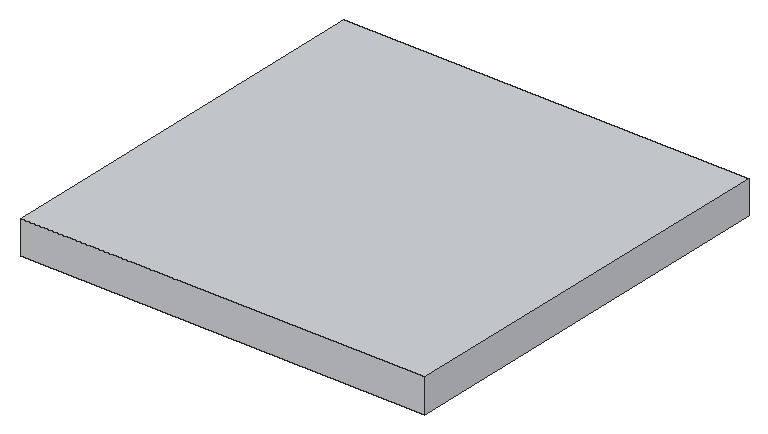
Revit family "DMElétrico_Circuito_Comunicações", category Dispositivos de comunicação, Revit 2025
Family settings
  Cota do conector redondo = Utilizar diâmetro
  Tipo de parte = Normal
  Com base no plano de trabalho = Não
  Sempre na vertical = Sim
  Corte com vazios quando carregada = Não
  Manter orientação da anotação = Não
  Compartilhado = Não
  Ponto de cálculo do ambiente = Não
Parameters
  Elevação padrão = 0 mm
Reference planes
  plane 1 "Center (Front/Back)": y = 0
  plane 2: z = 0
  plane 3 "Center (Left/Right)": x = 0
Forms (mm)
  Extrusion 1, solid
    sketch origin (0, 0, 0) x (1, 0, 0) y (0, 1, 0)
      loop
        line (-15, 15) -> (-15, -15) -> (15, -15) -> (15, 15) -> (-15, 15)
    from 0 to -2.5
Lines and regions (mm)
  model lines
    curve 1: circle (0, 0, 0) r 15 normal (0, 0, 1)
    curve 2: circle (0, 0, 0) r 15 normal (0, -1, 0)
    curve 3: circle (0, 0, 0) r 15 normal (1, 0, 0)
Dimensions and locks
  aligned and locked: level to plane 2
Connectors
  cabletrayconduit at (0, 0, 0), diameter 32
    settings: on Extrusion 1, index 1, connector width 300 mm, connector height 300 mm, connector angle 0.00°, system type 32, placement type 0, profile type 0, connector reference index -1, is primary connector yes, connector utility param no, connector description ""
  cabletrayconduit at (0, 0, -2.5), diameter 32
    settings: on Extrusion 1, index 2, connector width 300 mm, connector height 300 mm, connector angle 0.00°, system type 32, placement type 0, profile type 0, connector reference index -1, is primary connector no, connector utility param no, connector description ""
  electrical at (0, 0, 0)
    settings: on Extrusion 1, index 3, voltage 0 V, apparent load 0 VA, apparent load phase1 0 VA, apparent load phase2 0 VA, apparent load phase3 0 VA, power factor 1, load classification "Outro", number of poles 1, system type 14, power factor state 1, is connector primary yes, connector utility no, sub classification motor no, connector description ""
